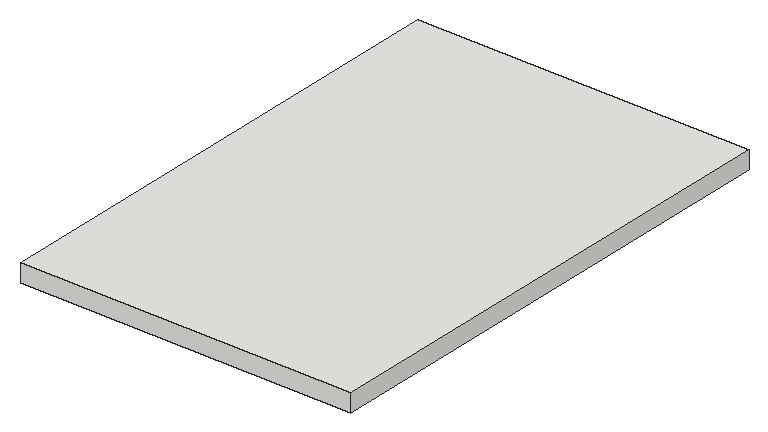
Revit family "SURVIVOR130xxWS8xxSx", category Leuchten, Revit 2017
Family settings
  Basisbauteil = Fläche
  Bemaßung runder Anschluss = Durchmesser verwenden
  Teiletyp = Normal
  OmniClass-Nummer = 23.80.70.11
  OmniClass-Titel = Luminaries for Internal Lighting
  Beim Laden mit Abzugskörper schneiden = Nein
  Lichtquelle = Ja
  Gemeinsam genutzt = Nein
  Raumberechnungspunkt = Nein
Parameters (values of type "SURVIVOR130NDWS840S0500-RF")
  width = 240 mm  # constant formula
  weight = "11"
  voltage type (AC, DC, UC) = "AC"
  rated input power = 35
  product name = "SURVIVOR130NDWS840S0500-RF"
  nominal voltage = "230"
  nominal frequency = "50-60Hz"
  length = 1300 mm  # constant formula
  ingress protection (IP) code = "IP65"
  height = 73 mm  # constant formula
  electrical safety class = "1"
  control gear = ""
  conformity mark = "CE"  # constant formula
  brand = "RIDI"
  approval mark = ""
  built-in parameter 1150104 = 13.8 (stored number, unit not read)
  Wattage = 36.8919 W
  Von Breite des Rechtecks ausssenden = 1228 mm
  Von Länge des Rechtecks aussenden = 181 mm  # constant formula
  Default Elevation = 0 mm
  built-in parameter 1150113 = 1 (stored number, unit not read)
  built-in parameter 1114218 = 1 (stored number, unit not read)
  URL = "www.ridi.de"
  built-in parameter 1150134 = 12
  built-in parameter 1150109 = 1 (stored number, unit not read)
  built-in parameter 1150110 = 1 (stored number, unit not read)
  Apparent Load = 35 VA
  Tilt Angle = 90.00°
  Modell = "0622215//420"
  built-in parameter 1114217 = 1 (stored number, unit not read)
  built-in parameter 1150139 = (empty or 0)
  built-in parameter 1150105 = 436.08 (stored number, unit not read)
  built-in parameter 1150114 = 1 (stored number, unit not read)
  Lumens = 5480 lm
  built-in parameter 1150115 = 1 (stored number, unit not read)
  built-in parameter 1150112 = 1 (stored number, unit not read)
  Lampe = "LED"
  Hersteller = "RIDI Leuchten GmbH"  # constant formula
  Dimming Lamp Color Temperature Shift = (empty or 0)
  Color Filter = 16777215
  built-in parameter 1150133 = 10 (stored number, unit not read)
  Emit Shape Visible in Rendering = no
  built-in parameter 1150137 = (empty or 0)
  built-in parameter 1150132 = 2
  Datei für fotometrisches Netz = "SURVIVOR160DAWS840S0700.IES"
  Copyright = "© RIDI. All rights reserved."  # constant formula
  built-in parameter 1150106 = 4.3608 (stored number, unit not read)
  Baugruppenkennzeichen = "D5020200"
  built-in parameter 1150107 = 4000 (stored number, unit not read)
  built-in parameter 1150102 = (empty or 0)
  built-in parameter 1150138 = (empty or 0)
Types (5, lengths in mm): name | product name | Wattage | built-in parameter 1150134 | Modell | built-in parameter 1150105 | Lumens | built-in parameter 1150106 | built-in parameter 1150107
  (no name) | "SURVIVOR130NDWS840S0500-RF" | 36.8919 W | 12 | "0622215//420" | 436.08 (stored number, unit not read) | 5480 lm | 4.3608 (stored number, unit not read) | 4000 (stored number, unit not read)
  SURVIVOR130DAWS830S0500 | "SURVIVOR130DAWS830S0500" | 34.9396 W | (empty or 0) | "0632211" | 413.01 (stored number, unit not read) | 5190 lm | 4.1301 (stored number, unit not read) | 3000 (stored number, unit not read)
  SURVIVOR130NDWS830S0500-RF | "SURVIVOR130NDWS830S0500-RF" | 34.9396 W | (empty or 0) | "0622211//420" | 413.01 (stored number, unit not read) | 5190 lm | 4.1301 (stored number, unit not read) | 3000 (stored number, unit not read)
  SURVIVOR130DAWS840S0500 | "SURVIVOR130DAWS840S0500" | 36.8919 W | 12 | "0632215" | 436.08 (stored number, unit not read) | 5480 lm | 4.3608 (stored number, unit not read) | 4000 (stored number, unit not read)
  SURVIVOR130NDWS840S0500-RF | "SURVIVOR130NDWS840S0500-RF" | 36.8919 W | 12 | "0622215//420" | 436.08 (stored number, unit not read) | 5480 lm | 4.3608 (stored number, unit not read) | 4000 (stored number, unit not read)
Reference planes
  plane 1 "Mitte (Vorne/hinten)": y = 0
  plane 2: z = 0
  plane 3 "Mitte (Links/rechts)": x = 0
  plane 4: z = 1200
Forms (mm)
  Extrusion 1, solid
    sketch origin (219.2, 280.8, 0) x (1, 0, 0) y (0, 1, 0)
      loop
        line (-1219.2, 1219.2) -> (-1219.2, -1780.8) -> (780.8, -1780.8) -> (780.8, 1219.2) -> (-1219.2, 1219.2)
    from 0 to -107.307
Dimensions and locks
  plane 4 to Extrusion 1 = 1200 mm
  aligned and locked: plane 2 to Extrusion 1
  aligned and locked: level to Extrusion 1
Connectors
  electrical at (53.526, -623.988, 0.508), driven by "Apparent Load"
    settings: on import instance, index 1, voltage 230 V, apparent load 0 VA, apparent load phase1 35 VA, apparent load phase2 0 VA, apparent load phase3 0 VA, power factor 1, load classification "Lighting", number of poles 1, system type 31, power factor state 1, is connector primary yes, connector utility no, sub classification motor no, connector description ""
